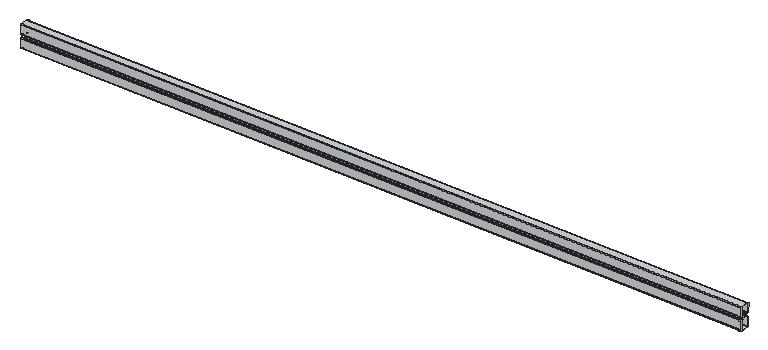
Revit family "43Z1.5x3.62 Web", category Structural Framing, Revit 2020
Family settings
  Section Shape = Not Defined
  Material for Model Behavior = Steel
  Always export as geometry = No
  OmniClass Number = 23.25.30.11.14.14
  OmniClass Title = Beams
  Always vertical = Yes
  Cut with Voids When Loaded = No
  Symbolic Representation = From Family
  Shared = No
  Show family pre-cut in plan views = Yes
Parameters
  Weight lbs per ft [instance] = 1.6934
  URL = "https://www.trussteel.com/details_files/pdf/ts010a.pdf"
  Total Member Weight lbs [instance] = Length / 1' 0" * Weight lbs per ft  # 16.934
  Structural Material = ASTM A653 SS Grade 40 G90
  Steel Design Thickness (in) [instance] = 0.0451
  Model = "43Z1.5x3.62"
  Manufacturer = "TrusSteel"
  Length [instance] = 10' - 0"
  Fy (ksi) [instance] = 40
  Fu (ksi) [instance] = 55
  Description = "Z Web"
  Cross Section Area (in2) [instance] = 0.498
  Beam Width = 0' - 1 1/2"
  Beam Height = 0' - 3 5/8"
Reference planes (in)
  plane 1 "Center (Front/Back)": y = 0
  plane 2 "Center El.": z = 0
  plane 3 "Center (Left/Right)": x = 0
  plane 4 "Left": x = -60
  plane 5 "Right": x = 60
Forms (in)
  Extrusion 1, solid
    sketch origin (0, 0, 0) x (0, 1, 0) y (0, 0, 1)
      loop
        line (0.6337, 1.8125) -> (-0.6337, 1.8125)
        arc (-0.6337, 1.8125) -> (-0.71594, 1.77844) -> (-0.75, 1.6962) r 0.1163
        line (-0.75, 1.6962) -> (-0.75, 0.3663)
        arc (-0.75, 0.3663) -> (-0.74115, 0.32179) -> (-0.71594, 0.28406) r 0.1163
        line (-0.71594, 0.28406) -> (-0.44339, 0.01151)
        arc (-0.44339, 0.01151) -> (-0.40566, -0.0137) -> (-0.36115, -0.02255) r 0.1163
        line (-0.36115, -0.02255) -> (0.36115, -0.02255)
        arc (0.36115, -0.02255) -> (0.3884, -0.02797) -> (0.4115, -0.0434) r 0.0712
        line (0.4115, -0.0434) -> (0.68405, -0.31595)
        arc (0.68405, -0.31595) -> (0.69948, -0.33905) -> (0.7049, -0.3663) r 0.0712
        line (0.7049, -0.3663) -> (0.7049, -1.6962)
        arc (0.7049, -1.6962) -> (0.68405, -1.74655) -> (0.6337, -1.7674) r 0.0712
        line (0.6337, -1.7674) -> (-0.6337, -1.7674)
        arc (-0.6337, -1.7674) -> (-0.68405, -1.74655) -> (-0.7049, -1.6962) r 0.0712
        line (-0.7049, -1.6962) -> (-0.7049, -0.3663)
        arc (-0.7049, -0.3663) -> (-0.68405, -0.31595) -> (-0.6337, -0.2951) r 0.0712
        line (-0.6337, -0.2951) -> (-0.375, -0.2951) -> (-0.375, -0.25) -> (-0.6337, -0.25)
        arc (-0.6337, -0.25) -> (-0.71594, -0.28406) -> (-0.75, -0.3663) r 0.1163
        line (-0.75, -0.3663) -> (-0.75, -1.6962)
        arc (-0.75, -1.6962) -> (-0.71594, -1.77844) -> (-0.6337, -1.8125) r 0.1163
        line (-0.6337, -1.8125) -> (0.6337, -1.8125)
        arc (0.6337, -1.8125) -> (0.71594, -1.77844) -> (0.75, -1.6962) r 0.1163
        line (0.75, -1.6962) -> (0.75, -0.3663)
        arc (0.75, -0.3663) -> (0.74115, -0.32179) -> (0.71594, -0.28406) r 0.1163
        line (0.71594, -0.28406) -> (0.44339, -0.01151)
        arc (0.44339, -0.01151) -> (0.40566, 0.0137) -> (0.36115, 0.02255) r 0.1163
        line (0.36115, 0.02255) -> (-0.36115, 0.02255)
        arc (-0.36115, 0.02255) -> (-0.3884, 0.02797) -> (-0.4115, 0.0434) r 0.0712
        line (-0.4115, 0.0434) -> (-0.68405, 0.31595)
        arc (-0.68405, 0.31595) -> (-0.69948, 0.33905) -> (-0.7049, 0.3663) r 0.0712
        line (-0.7049, 0.3663) -> (-0.7049, 1.6962)
        arc (-0.7049, 1.6962) -> (-0.68405, 1.74655) -> (-0.6337, 1.7674) r 0.0712
        line (-0.6337, 1.7674) -> (0.6337, 1.7674)
        arc (0.6337, 1.7674) -> (0.68405, 1.74655) -> (0.7049, 1.6962) r 0.0712
        line (0.7049, 1.6962) -> (0.7049, 0.3663)
        arc (0.7049, 0.3663) -> (0.68405, 0.31595) -> (0.6337, 0.2951) r 0.0712
        line (0.6337, 0.2951) -> (0.375, 0.2951) -> (0.375, 0.25) -> (0.6337, 0.25)
        arc (0.6337, 0.25) -> (0.71594, 0.28406) -> (0.75, 0.3663) r 0.1163
        line (0.75, 0.3663) -> (0.75, 1.6962)
        arc (0.75, 1.6962) -> (0.71594, 1.77844) -> (0.6337, 1.8125) r 0.1163
    from -60 to 60
Dimensions and locks (in)
  equal spacing: plane 4 "Left", plane 3 "Center (Left/Right)", plane 5 "Right"
  "Length": plane 4 "Left" to plane 5 "Right"
  "Beam Width": Extrusion 1 to Extrusion 1
  "Beam Height": Extrusion 1 to Extrusion 1
  aligned and locked: level to plane 2 "Center El."
  aligned and locked: plane 4 "Left" to Extrusion 1
  aligned and locked: Extrusion 1 to plane 5 "Right"
Automatic sketch dimensions
  Extrusion 1 sketch curve to Extrusion 1 sketch curve = 0' - 0"  (x20)
  plane 1 "Center (Front/Back)" to Extrusion 1 sketch curve = 0' - 0 3/4"  (x2)
  level to Extrusion 1 sketch curve = 0' - 0.28406"
  Extrusion 1 sketch curve to Extrusion 1 sketch curve = 0' - 0.03406"
  Extrusion 1 sketch curve to Extrusion 1 sketch curve = 0' - 0.0451"  (x2)
  level to Extrusion 1 sketch curve = 0' - 0.31595"
  Extrusion 1 sketch curve to Extrusion 1 sketch curve = 0' - 0.05035"  (x4)
  Extrusion 1 sketch curve to Extrusion 1 sketch curve = 0' - 0.0712"  (x4)
  level to Extrusion 1 sketch curve = 0' - 0.01151"
  Extrusion 1 sketch curve to Extrusion 1 sketch curve = 0' - 0.19031"
  level to Extrusion 1 sketch curve = 0' - 0.0434"
  Extrusion 1 sketch curve to Extrusion 1 sketch curve = 0' - 0.03189"
  Extrusion 1 sketch curve to Extrusion 1 sketch curve = 0' - 0.2587"  (x2)
  Extrusion 1 sketch curve to level = 0' - 0.02255"
  Extrusion 1 sketch curve to plane 1 "Center (Front/Back)" = 0' - 0.36115"
  Extrusion 1 sketch curve to Extrusion 1 sketch curve = 0' - 0.01385"
  Extrusion 1 sketch curve to level = 0' - 0.0434"
  Extrusion 1 sketch curve to level = 0' - 0.01151"
  Extrusion 1 sketch curve to plane 1 "Center (Front/Back)" = 0' - 0.6337"  (x2)
  Extrusion 1 sketch curve to Extrusion 1 sketch curve = 0' - 0.27255"
  Extrusion 1 sketch curve to level = 0' - 0.31595"
  Extrusion 1 sketch curve to Extrusion 1 sketch curve = 0' - 0.02085"
  Extrusion 1 sketch curve to level = 0' - 0.28406"
  Extrusion 1 sketch curve to level = 0' - 0.3663"
  Extrusion 1 sketch curve to Extrusion 1 sketch curve = 0' - 1.3299"  (x2)
  Extrusion 1 sketch curve to Extrusion 1 sketch curve = 0' - 0.22745"
